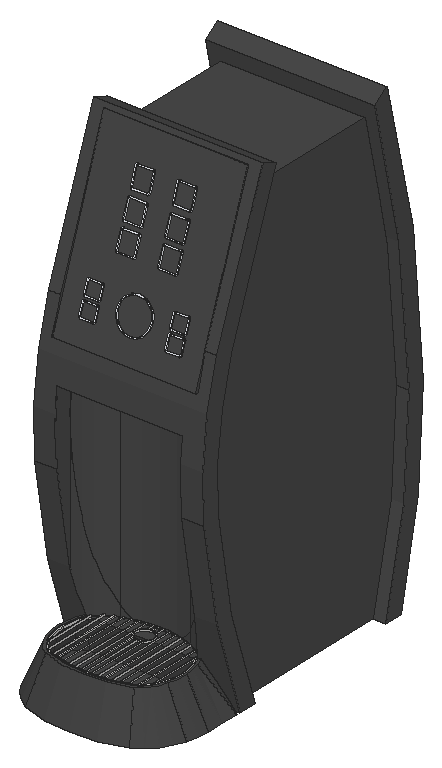
Revit family "QF_LANCER_TST", category Specialty Equipment, Revit 2014 (continued)
Automatic sketch dimensions
  curve 62 to curve 63 = 0.06"
  curve 63 to curve 64 = 0.30682"
  curve 64 to curve 65 = 0.06"
  curve 65 to curve 66 = 0.30682"
  curve 66 to curve 67 = 0.06"
  curve 35 to curve 68 = 0.16244"
  curve 68 to curve 69 = 0.06"
  curve 69 to curve 70 = 0.36524"
  curve 70 to curve 71 = 0.06"
  plane 3 "LEFT" to curve 72 = 0.70"
  plane 4 "RIGHT" to curve 73 = 0.70"
  curve 77 to plane 7 "Center Y" = 1.6483"
  curve 76 to plane 7 "Center Y" = 0.69455"
  curve 76 to curve 28 = 1.30751"
  curve 75 to curve 75 = 0.35827"
  plane 7 "Center Y" to curve 81 = 0.69455"
  curve 80 to curve 80 = 0.95375"
  curve 80 to curve 10 = 0.75343"
  curve 80 to curve 81 = 0.35827"
  curve 82 to curve 80 = 0.00"
  curve 83 to curve 79 = 0.00"
  curve 84 to curve 79 = 0.51303"
  curve 82 to curve 80 = 0.15476"
  curve 86 to curve 76 = 0.00"
  curve 88 to curve 75 = 0.00"
  curve 89 to curve 76 = 0.51303"
  curve 86 to curve 75 = 0.15476"
  curve 93 to curve 88 = 0.00"
  curve 91 to curve 87 = 0.00"
  curve 93 to curve 88 = 0.48811"
  curve 90 to curve 87 = 0.12985"
  curve 94 to curve 84 = 0.00"
  curve 96 to curve 83 = 0.00"
  curve 97 to curve 84 = 0.48811"
  curve 94 to curve 83 = 0.12985"
  curve 95 to curve 98 = 0.35247"
  curve 98 to curve 99 = 0.7975"
  curve 101 to curve 95 = 0.80902"
  curve 99 to curve 98 = 0.25138"
  curve 102 to curve 100 = 0.00"
  curve 103 to curve 99 = 0.00"
  curve 105 to curve 100 = 0.34202"
  curve 102 to curve 99 = 0.09064"
  curve 107 to plane 7 "Center Y" = 0.00"
  curve 106 to curve 27 = 0.20059"
  curve 107 to curve 106 = 0.00"
  curve 54 to curve 106 = 0.68274"
  curve 106 to curve 106 = 0.34202"
  curve 12 to curve 109 = 0.45173"
  curve 108 to curve 111 = 0.7975"
  curve 12 to curve 108 = 0.51202"
  curve 110 to curve 109 = 0.25138"
  curve 112 to curve 108 = 0.00"
  curve 114 to curve 110 = 0.00"
  curve 112 to curve 108 = 0.34202"
  curve 114 to curve 110 = 0.09064"
  Extrusion 11 sketch curve to plane 7 "Center Y" = 0.00"
  level to Extrusion 11 sketch curve = 2.01188"
  radius of Extrusion 6 sketch curve to SweptBlend 2 = 0.19"  (x10)
  radius of Extrusion 6 sketch curve to SweptBlend 2 = 0.25"  (x4)
  radius of Extrusion 7 sketch curve to Extrusion 6 = 0.00"  (x32)
  radius of Extrusion 7 sketch curve = 0.50"
  radius of Extrusion 10 sketch curve = 1.00"
  radius of Extrusion 10 sketch curve = 0.94"
  radius of Extrusion 11 sketch curve = 0.25"
Connectors (in)
  electrical at (4.7, -0.85916, 2.01188), driven by "Volts", driven by "Watts", driven by "Watts"
    settings: on Extrusion 11, index 1, voltage 120 V, apparent load 240 VA, apparent load phase1 240 VA, apparent load phase2 0 VA, apparent load phase3 0 VA, power factor 1, load classification "Other", number of poles 1, system type 30, power factor state 1, is connector primary yes, connector utility no, sub classification motor no, connector description "ELECTRICAL CONNECTION"
  piping at (4.7, -13.49865, 0), diameter 1
    settings: on cut or joined group of SweptBlend 2, Extrusion 4, SweptBlend 5, index 2, connector inside diameter 24", connector length 0.00", flow factor 0, pipe flow 0 GPM, pressure drop 0.00 psi, fitting loss kfactor 0, connector angle 0.00°, fixture units 0, engagement length 0.00", angle of deflection 0.00°, flow configuration 1, flow direction 2, fitting loss method 0, system type 16, joint type 0, gender type 0, connector reference index -1, connector utility 0, adjustable connector no, is connector primary yes, connector description "DRAIN"
